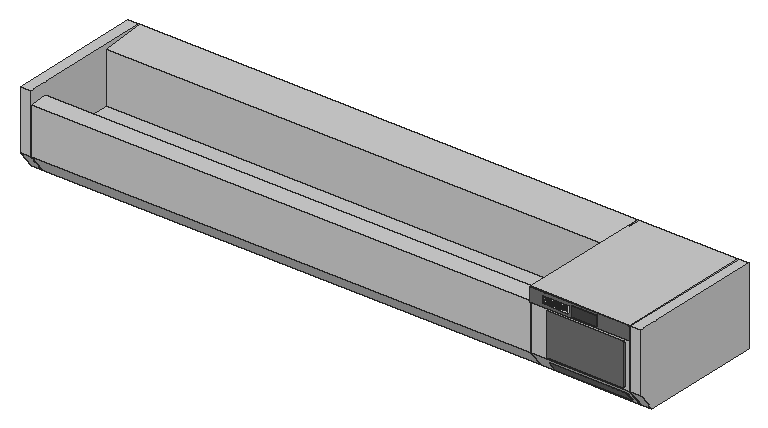
Revit family "Qf_Afinox_VRS1815S", category Specialty Equipment, Revit 2014
Parameters
  Show Logo [instance] = yes
  Show Clearance [instance] = yes
Reference planes
  plane 1 "Back": y = 0
  plane 2: z = 0
  plane 3 "Left": x = 0
  plane 4 "Right": x = 1815
  plane 5 "Front": y = -395
  plane 6 "Top": z = 225
Forms (mm)
  Extrusion 1, solid
    sketch origin (715, 0, 0) x (0, 1, 0) y (0, 0, 1)
      loop
        line (0, 225) -> (-118.091, 213.424) -> (-118.091, 63.424) -> (-342.706, 63.424) -> (-342.706, 191.405) -> (-395, 186.278) -> (-395, 50) -> (-354.511, 0) -> (0, 0) -> (0, 225)
    from -685 to 778
  Extrusion 2, solid
    sketch origin (0, 0, 0) x (0, 1, 0) y (0, 0, 1)
      loop
        line (0, 225) -> (-395, 225) -> (-395, 50) -> (-354.511, 0) -> (0, 0) -> (0, 225)
    from 0 to 30
  Extrusion 3, solid
    sketch origin (1785, 0, 0) x (0, 1, 0) y (0, 0, 1)
      loop
        line (0, 225) -> (-395, 225) -> (-395, 50) -> (-354.511, 0) -> (0, 0) -> (0, 225)
    from 0 to 30
  Extrusion 4, solid
    sketch origin (1755, 0, 0) x (0, 1, 0) y (0, 0, 1)
      loop
        line (0, 225) -> (-395, 225) -> (-395, 50) -> (-354.511, 0) -> (0, 0) -> (0, 225)
    from -262 to 30
  Extrusion 5, solid
    sketch origin (715, -394, -0.038) x (1, 0, 0) y (0, 0, 1)
      loop
        arc (829.65, 178.011) -> (827.352, 177.059) -> (826.4, 174.761) r 3.25
        line (826.4, 174.761) -> (826.4, 59.261)
        arc (826.4, 59.261) -> (827.352, 56.963) -> (829.65, 56.011) r 3.25
        line (829.65, 56.011) -> (1050.15, 56.011)
        arc (1050.15, 56.011) -> (1052.448, 56.963) -> (1053.4, 59.261) r 3.25
        line (1053.4, 59.261) -> (1053.4, 174.761)
        arc (1053.4, 174.761) -> (1052.448, 177.059) -> (1050.15, 178.011) r 3.25
        line (1050.15, 178.011) -> (829.65, 178.011)
    from 0 to 2
  Extrusion 6, solid
    sketch origin (715, -273.564, -98.372) x (1, 0, 0) y (0, -0.62932, 0.777146)
      loop
        arc (829.65, 178.011) -> (827.352, 177.059) -> (826.4, 174.761) r 3.25
        line (826.4, 174.761) -> (826.4, 141.843)
        arc (826.4, 141.843) -> (827.352, 139.544) -> (829.65, 138.593) r 3.25
        line (829.65, 138.593) -> (1050.15, 138.593)
        arc (1050.15, 138.593) -> (1052.448, 139.544) -> (1053.4, 141.843) r 3.25
        line (1053.4, 141.843) -> (1053.4, 174.761)
        arc (1053.4, 174.761) -> (1052.448, 177.059) -> (1050.15, 178.011) r 3.25
        line (1050.15, 178.011) -> (829.65, 178.011)
    from 0 to 2
  Extrusion 7, solid
    sketch origin (707.335, -397, -1.215) x (1, 0, 0) y (0, 0, 1)
      loop
        line (912.065, 221.354) -> (912.065, 192.354) -> (983.065, 192.354) -> (983.065, 221.354) -> (912.065, 221.354)
    from 0 to 3
  Extrusion 8, solid, visible <- "Show Logo"
    sketch origin (1352.556, -397, -384.108) x (1, 0, 0) y (0, 0, 1)
      loop
        line (179.287, 599.596) -> (179.287, 579.899) -> (254.287, 579.899) -> (254.287, 599.596) -> (179.287, 599.596)
      loop
        line (199.226, 597.323) -> (199.226, 582.172) -> (253.014, 582.172) -> (253.014, 597.323) -> (199.226, 597.323)
      loop
        line (180.287, 597.323) -> (180.287, 582.172) -> (198.848, 582.172) -> (198.848, 597.323) -> (180.287, 597.323)
    from 0 to 2
  Extrusion 9, solid, visible <- "Show Logo"
    sketch origin (559.53, -397, -622.718) x (1, 0, 0) y (0, 0, 1)
      loop
        arc (994.034, 825.04) -> (994.842, 823.416) -> (996.479, 824.198) r 1.293
        line (996.479, 824.198) -> (996.958, 825.22) -> (1000.192, 825.22) -> (1000.6, 824.198)
        arc (1000.6, 824.198) -> (1002.252, 823.366) -> (1003.039, 825.04) r 1.291
        line (1003.039, 825.04) -> (999.801, 832.415)
        arc (999.801, 832.415) -> (998.57, 833.402) -> (997.337, 832.418) r 1.263
        line (997.337, 832.418) -> (994.034, 825.04)
      loop
        line (999.576, 827.427) -> (998.603, 829.738) -> (997.631, 827.445) -> (999.576, 827.427)
      loop
        line (1004.344, 832.421) -> (1004.344, 824.556)
        arc (1004.344, 824.556) -> (1005.631, 823.448) -> (1006.918, 824.556) r 1.302
        line (1006.918, 824.556) -> (1006.918, 827.178) -> (1010.126, 827.178)
        arc (1010.126, 827.178) -> (1011.3, 828.493) -> (1010.126, 829.808) r 1.323
        line (1010.126, 829.808) -> (1006.918, 829.808) -> (1006.918, 830.954) -> (1010.126, 830.954)
        arc (1010.126, 830.954) -> (1011.264, 832.233) -> (1010.126, 833.511) r 1.287
        line (1010.126, 833.511) -> (1005.326, 833.511)
        arc (1005.326, 833.511) -> (1004.652, 833.13) -> (1004.344, 832.421) r 1.22
      loop
        line (1012.593, 832.457) -> (1012.593, 824.488)
        arc (1012.593, 824.488) -> (1013.928, 823.343) -> (1015.262, 824.488) r 1.35
        line (1015.262, 824.488) -> (1015.262, 832.457)
        arc (1015.262, 832.457) -> (1013.928, 833.516) -> (1012.593, 832.457) r 1.37
      loop
        arc (1019.372, 832.457) -> (1018.038, 833.516) -> (1016.703, 832.457) r 1.37
        line (1016.703, 832.457) -> (1016.703, 824.488)
        arc (1016.703, 824.488) -> (1018.038, 823.343) -> (1019.372, 824.488) r 1.35
        line (1019.372, 824.488) -> (1019.372, 828.473) -> (1022.448, 824.488)
        arc (1022.448, 824.488) -> (1023.783, 823.343) -> (1025.118, 824.488) r 1.35
        line (1025.118, 824.488) -> (1025.118, 832.457)
        arc (1025.118, 832.457) -> (1023.783, 833.516) -> (1022.448, 832.457) r 1.37
        line (1022.448, 832.457) -> (1022.448, 828.473) -> (1019.372, 832.457)
      loop
        circle (1031.159, 828.429) r 5.095
      loop
        circle (1031.159, 828.429) r 2.733
      loop
        line (1036.425, 831.5) -> (1038.763, 828.375) -> (1036.365, 825.267)
        arc (1036.365, 825.267) -> (1036.712, 823.621) -> (1038.393, 823.703) r 1.296
        line (1038.393, 823.703) -> (1040.42, 826.313) -> (1042.28, 823.703)
        arc (1042.28, 823.703) -> (1043.993, 823.58) -> (1044.434, 825.238) r 1.346
        line (1044.434, 825.238) -> (1042.048, 828.408) -> (1044.37, 831.408)
        arc (1044.37, 831.408) -> (1044.07, 833.196) -> (1042.269, 832.987) r 1.316
        line (1042.269, 832.987) -> (1040.366, 830.453) -> (1038.502, 833.054)
        arc (1038.502, 833.054) -> (1036.78, 833.19) -> (1036.425, 831.5) r 1.308
      loop
        line (1046.04, 835.933) -> (992.253, 835.933) -> (992.253, 820.782) -> (1046.04, 820.782) -> (1046.04, 835.933)
    from 0 to 2
  Extrusion 10, solid, visible <- "Show Logo"
    sketch origin (552.402, -397, -442.664) x (1, 0, 0) y (0, 0, 1)
      loop
        line (980.441, 655.879) -> (980.441, 640.728) -> (999.001, 640.728) -> (999.001, 655.879) -> (980.441, 655.879)
      loop
        arc (982.146, 642.435) -> (982.404, 641.667) -> (983.211, 641.586) r 0.747
        line (983.211, 641.586) -> (989.781, 644.576) -> (996.334, 641.6)
        arc (996.334, 641.6) -> (997.088, 641.702) -> (997.296, 642.435) r 0.695
        line (997.296, 642.435) -> (990.231, 654.688)
        arc (990.231, 654.688) -> (989.721, 654.992) -> (989.211, 654.688) r 0.58
        line (989.211, 654.688) -> (982.146, 642.435)
    from 0 to 2
  Extrusion 11, solid, visible <- "Show Logo"
    sketch origin (518.114, -397, -392.26) x (1, 0, 0) y (0, 0, 1)
      loop
        arc (1016.435, 592.031) -> (1016.693, 591.262) -> (1017.5, 591.182) r 0.747
        line (1017.5, 591.182) -> (1024.07, 594.172) -> (1030.623, 591.195)
        arc (1030.623, 591.195) -> (1031.377, 591.298) -> (1031.584, 592.031) r 0.695
        line (1031.584, 592.031) -> (1024.52, 604.283)
        arc (1024.52, 604.283) -> (1024.01, 604.588) -> (1023.5, 604.283) r 0.58
        line (1023.5, 604.283) -> (1016.435, 592.031)
      loop
        arc (1035.45, 594.582) -> (1036.258, 592.958) -> (1037.895, 593.739) r 1.293
        line (1037.895, 593.739) -> (1038.374, 594.762) -> (1041.608, 594.762) -> (1042.016, 593.739)
        arc (1042.016, 593.739) -> (1043.668, 592.908) -> (1044.455, 594.582) r 1.291
        line (1044.455, 594.582) -> (1041.218, 601.957)
        arc (1041.218, 601.957) -> (1039.986, 602.943) -> (1038.753, 601.959) r 1.263
        line (1038.753, 601.959) -> (1035.45, 594.582)
      loop
        line (1040.992, 596.969) -> (1040.02, 599.279) -> (1039.047, 596.987) -> (1040.992, 596.969)
      loop
        arc (1045.76, 594.097) -> (1047.047, 592.99) -> (1048.334, 594.097) r 1.302
        line (1048.334, 594.097) -> (1048.334, 596.72) -> (1051.542, 596.72)
        arc (1051.542, 596.72) -> (1052.716, 598.035) -> (1051.542, 599.35) r 1.323
        line (1051.542, 599.35) -> (1048.334, 599.35) -> (1048.334, 600.496) -> (1051.542, 600.496)
        arc (1051.542, 600.496) -> (1052.681, 601.774) -> (1051.542, 603.052) r 1.287
        line (1051.542, 603.052) -> (1046.742, 603.052)
        arc (1046.742, 603.052) -> (1046.069, 602.672) -> (1045.76, 601.962) r 1.22
        line (1045.76, 601.962) -> (1045.76, 594.097)
      loop
        arc (1054.01, 594.029) -> (1055.344, 592.884) -> (1056.679, 594.029) r 1.35
        line (1056.679, 594.029) -> (1056.679, 601.999)
        arc (1056.679, 601.999) -> (1055.344, 603.058) -> (1054.01, 601.999) r 1.37
        line (1054.01, 601.999) -> (1054.01, 594.029)
      loop
        arc (1058.12, 594.029) -> (1059.454, 592.884) -> (1060.789, 594.029) r 1.35
        line (1060.789, 594.029) -> (1060.789, 598.014) -> (1063.865, 594.029)
        arc (1063.865, 594.029) -> (1065.199, 592.884) -> (1066.534, 594.029) r 1.35
        line (1066.534, 594.029) -> (1066.534, 601.999)
        arc (1066.534, 601.999) -> (1065.199, 603.058) -> (1063.865, 601.999) r 1.37
        line (1063.865, 601.999) -> (1063.865, 598.014) -> (1060.789, 601.999)
        arc (1060.789, 601.999) -> (1059.454, 603.058) -> (1058.12, 601.999) r 1.37
        line (1058.12, 601.999) -> (1058.12, 594.029)
      loop
        circle (1072.575, 597.971) r 5.095
      loop
        circle (1072.575, 597.971) r 2.733
      loop
        line (1080.18, 597.917) -> (1077.782, 594.809)
        arc (1077.782, 594.809) -> (1078.129, 593.163) -> (1079.809, 593.245) r 1.296
        line (1079.809, 593.245) -> (1081.836, 595.854) -> (1083.697, 593.245)
        arc (1083.697, 593.245) -> (1085.409, 593.121) -> (1085.851, 594.78) r 1.346
        line (1085.851, 594.78) -> (1083.464, 597.949) -> (1085.787, 600.95)
        arc (1085.787, 600.95) -> (1085.486, 602.737) -> (1083.686, 602.528) r 1.316
        line (1083.686, 602.528) -> (1081.782, 599.994) -> (1079.918, 602.596)
        arc (1079.918, 602.596) -> (1078.197, 602.731) -> (1077.841, 601.041) r 1.308
        line (1077.841, 601.041) -> (1080.18, 597.917)
    from 0 to 2
  Extrusion 12, solid
    sketch origin (580.935, -395, 3.646) x (1, 0, 0) y (0, 0, 1)
      loop
        line (912.065, 221.354) -> (912.065, 182.633) -> (1204.065, 182.633) -> (1204.065, 221.354) -> (912.065, 221.354)
    from 0 to 2
  Extrusion 13, solid
    sketch origin (715, -6.8, 0) x (1, 0, 0) y (0, 0, 1)
      loop
        circle (1050, 20) r 5
    from -17.6 to -6.8
  Extrusion 14, solid
    sketch origin (715, 0, 0) x (1, 0, 0) y (0, 0, 1)
      loop
        line (-685, 13) -> (1070, 13) -> (1070, 186) -> (-685, 186) -> (-685, 13)
      loop
        circle (1050, 20) r 5
    from -10.8 to 0
Lines and regions (mm)
  symbolic lines, style "200-EquipBorder-2D"
    curve 1: line (0, 0, 0) -> (1815, 0, 0)
    curve 2: line (0, -395, 0) -> (0, 0, 0)
    curve 3: line (1815, -395, 0) -> (0, -395, 0)
    curve 4: line (1815, 0, 0) -> (1815, -395, 0)
    curve 10: line (30, 0, 0) -> (30, 10.8, 0)
    curve 11: line (30, 10.8, 0) -> (1785, 10.8, 0)
    curve 12: line (1785, 10.8, 0) -> (1785, 0, 0)
  symbolic lines, style "200-EquipInternal-2D"
    curve 5: line (30, 0, 0) -> (30, -395, 0)
    curve 6: line (1493, 0, 0) -> (1493, -395, 0)
    curve 7: line (1785, 0, 0) -> (1785, -395, 0)
    curve 8: line (1493, -342.706, 0) -> (30, -342.706, 0)
    curve 9: line (30, -118.091, 0) -> (1493, -118.091, 0)
Dimensions and locks
  plane 3 "Left" to plane 4 "Right" = 1815 mm
  plane 5 "Front" to plane 1 "Back" = 395 mm
  plane 6 "Top" to level = 225 mm
  aligned and locked: level to plane 2
  aligned and locked: Extrusion 1 to Extrusion 2
  aligned and locked: Extrusion 14 to Extrusion 1
Connectors
  electrical at (1765, 10.8, 20)
    settings: on Extrusion 13, index 1, voltage 0 V, apparent load 0 VA, apparent load phase1 0 VA, apparent load phase2 0 VA, apparent load phase3 0 VA, power factor 1, load classification "Other", number of poles 1, system type 31, power factor state 1, is connector primary yes, connector utility no, sub classification motor no, connector description "Electrical connection"
